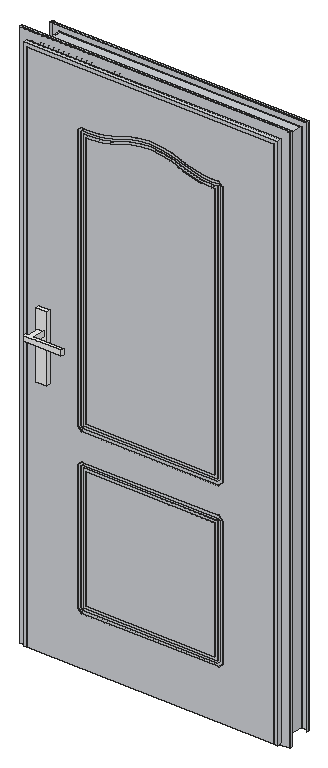
Revit family "GRANIT_9", category Drzwi, Revit 2016
Family settings
  Obiekt nadrzędny = Ściana
  Zawsze pionowo = Tak
  Tnij formami wycięć po wczytaniu = Nie
  Współdzielony = Nie
  Punkt obliczania pomieszczeń = Nie
Parameters (values of type "PN 90")
  URL = "www.porta.com.pl"
  SB = 964 mm
  Producent = "PORTA KMI POLAND"  # constant formula
  Keynote = ""
  Opis = "Własność Porta KMI Poland, wszelkie prawa zastrzeżone."  # constant formula
  Odwzorowanie ramy - zewnętrzne = 25 mm
  Odwzorowanie ramy - wewnętrzne = 25 mm
  Szerokość ramy = 75 mm
  Wysokość = 2056 mm
  Zakończenie ściany = Wg obiektu nadrzędnego
  Szerokość = 984 mm
  Materiał skrzydła [instance] = none
  Materiał ościeżnicy [instance] = none
  Materiał klamki [instance] = none
  Konstrukcja analityczna = "<Brak>"
  Informacja = ""
  Funkcja = Wewnętrzna
Types (8, lengths in mm): name | URL | SB | Wysokość | Szerokość | Informacja
  PN 80 | "www.porta.com.pl , www.portadoors.com , www.portacad.eu" | 856 | 2056 | 876 | ""
  PN 90 | "www.porta.com.pl" | 964 | 2056 | 984 | ""
  PN 100 | "www.porta.com.pl , www.portadoors.com , www.portacad.eu" | 1056 | 2056 | 1076 | "Biblioteki CAD produktów firmy PORTA KMI POLAND S.A. wraz z ich wizualizacjami są chronione prawami własności przemysłowej i intelektualnej. Można je wykorzystywać do handlowych celów osobistych poprzez zastosowanie w projektach, jednak nie wolno ich powielać, modyfikować, licencjonować ani publikować, w całości ani w części, chyba że celem przeglądania, bez uprzedniej pisemnej zgody PORTA KMI Poland sp.z.o.o. www.porta.com.pl "
  C'eska' a Slovenska' 80 | "www.porta.com.pl , www.portadoors.com , www.portacad.eu" | 860 | 2005 | 880 | "Biblioteki CAD produktów firmy PORTA KMI POLAND S.A. wraz z ich wizualizacjami są chronione prawami własności przemysłowej i intelektualnej. Można je wykorzystywać do handlowych celów osobistych poprzez zastosowanie w projektach, jednak nie wolno ich powielać, modyfikować, licencjonować ani publikować, w całości ani w części, chyba że celem przeglądania, bez uprzedniej pisemnej zgody PORTA KMI Poland sp.z.o.o. www.porta.com.pl "
  C'eska' a Slovenska' 90 | "www.porta.com.pl , www.portadoors.com , www.portacad.eu" | 960 | 2005 | 980 | "Biblioteki CAD produktów firmy PORTA KMI POLAND S.A. wraz z ich wizualizacjami są chronione prawami własności przemysłowej i intelektualnej. Można je wykorzystywać do handlowych celów osobistych poprzez zastosowanie w projektach, jednak nie wolno ich powielać, modyfikować, licencjonować ani publikować, w całości ani w części, chyba że celem przeglądania, bez uprzedniej pisemnej zgody PORTA KMI Poland sp.z.o.o. www.porta.com.pl "
  C'eska' a Slovenska' 100 | "www.porta.com.pl , www.portadoors.com , www.portacad.eu" | 1060 | 2005 | 1080 | "Biblioteki CAD produktów firmy PORTA KMI POLAND S.A. wraz z ich wizualizacjami są chronione prawami własności przemysłowej i intelektualnej. Można je wykorzystywać do handlowych celów osobistych poprzez zastosowanie w projektach, jednak nie wolno ich powielać, modyfikować, licencjonować ani publikować, w całości ani w części, chyba że celem przeglądania, bez uprzedniej pisemnej zgody PORTA KMI Poland sp.z.o.o. www.porta.com.pl "
  DIN 80 | "www.porta.com.pl , www.portadoors.com , www.portacad.eu" | 865 | 2005 | 885 | "Biblioteki CAD produktów firmy PORTA KMI POLAND S.A. wraz z ich wizualizacjami są chronione prawami własności przemysłowej i intelektualnej. Można je wykorzystywać do handlowych celów osobistych poprzez zastosowanie w projektach, jednak nie wolno ich powielać, modyfikować, licencjonować ani publikować, w całości ani w części, chyba że celem przeglądania, bez uprzedniej pisemnej zgody PORTA KMI Poland sp.z.o.o. www.porta.com.pl "
  DIN 90 | "www.porta.com.pl , www.portadoors.com , www.portacad.eu" | 990 | 2005 | 1010 | "Biblioteki CAD produktów firmy PORTA KMI POLAND S.A. wraz z ich wizualizacjami są chronione prawami własności przemysłowej i intelektualnej. Można je wykorzystywać do handlowych celów osobistych poprzez zastosowanie w projektach, jednak nie wolno ich powielać, modyfikować, licencjonować ani publikować, w całości ani w części, chyba że celem przeglądania, bez uprzedniej pisemnej zgody PORTA KMI Poland sp.z.o.o. www.porta.com.pl "
Reference planes
  plane 1: y = 0
  plane 2 "Środek (Lewa/Prawa)": x = 0
  plane 3 "Lewy": x = -492
  plane 4 "Prawy": x = 492
  plane 5: z = 2056
  plane 6 "Zewnętrzna": y = 75
  plane 7 "Wewnętrzna": y = -75
  plane 8: z = 184.239
  plane 9: y = -81.983
Forms (mm)
  Sweep 1, solid, material <- "Materiał ościeżnicy"
    path in 3D
      loop
        line (-492, -75, 0) -> (-492, -75, 2056) -> (492, -75, 2056) -> (492, -75, 0)
    profile origin (-492, -75, 1028) x (0, -1, 0) y (1, 0, 0)
      loop
        line (8.8, 22.5) -> (8.8, -12.5)
        arc (8.8, -12.5) -> (8.419, -13.419) -> (7.5, -13.8) r 1.3
        line (7.5, -13.8) -> (0, -13.8) -> (0, -15) -> (7.5, -15)
        arc (7.5, -15) -> (9.268, -14.268) -> (10, -12.5) r 2.5
        line (10, -12.5) -> (10, 22.5)
        arc (10, 22.5) -> (9.268, 24.268) -> (7.5, 25) r 2.5
        line (7.5, 25) -> (-33.505, 25)
        arc (-33.505, 25) -> (-34.212, 25.293) -> (-34.505, 26) r 1
        line (-34.505, 26) -> (-34.505, 34.5)
        arc (-34.505, 34.5) -> (-34.212, 35.207) -> (-33.505, 35.5) r 1
        line (-33.505, 35.5) -> (-26.255, 35.5)
        arc (-26.255, 35.5) -> (-24.005, 37.75) -> (-26.255, 40) r 2.25
        line (-26.255, 40) -> (-107.5, 40)
        arc (-107.5, 40) -> (-109.268, 39.268) -> (-110, 37.5) r 2.5
        line (-110, 37.5) -> (-110, 12.5)
        arc (-110, 12.5) -> (-109.268, 10.732) -> (-107.5, 10) r 2.5
        line (-107.5, 10) -> (-100, 10) -> (-100, 11.2) -> (-107.5, 11.2)
        arc (-107.5, 11.2) -> (-108.419, 11.581) -> (-108.8, 12.5) r 1.3
        line (-108.8, 12.5) -> (-108.8, 37.5)
        arc (-108.8, 37.5) -> (-108.419, 38.419) -> (-107.5, 38.8) r 1.3
        line (-107.5, 38.8) -> (-26.255, 38.8)
        arc (-26.255, 38.8) -> (-25.205, 37.75) -> (-26.255, 36.7) r 1.05
        line (-26.255, 36.7) -> (-33.505, 36.7)
        arc (-33.505, 36.7) -> (-35.06, 36.056) -> (-35.705, 34.5) r 2.2
        line (-35.705, 34.5) -> (-35.705, 26)
        arc (-35.705, 26) -> (-35.06, 24.444) -> (-33.505, 23.8) r 2.2
        line (-33.505, 23.8) -> (7.5, 23.8)
        arc (7.5, 23.8) -> (8.419, 23.419) -> (8.8, 22.5) r 1.3
      loop
        arc (-18.755, 35) -> (-20.219, 38.536) -> (-23.755, 40) r 5
        line (-23.755, 40) -> (-23.755, 34) -> (-31.755, 34) -> (-31.755, 26) -> (-18.755, 26) -> (-18.755, 35)
  Extrusion 2, solid, material <- "Materiał skrzydła"
    sketch origin (0, -75, 0) x (1, 0, 0) y (0, 0, 1)
      loop
        line (-463, 2023.457) -> (-463, 8.303) -> (463.032, 8.303) -> (463.032, 2023.457) -> (-463, 2023.457)
    from -17.017 to 30.983
  Sweep 3, solid, material <- "Materiał skrzydła"
    path in 3D
      loop
        line (463.032, -105.983, 8.303) -> (463.032, -105.983, 2023.457) -> (-463, -105.983, 2023.457) -> (-463, -105.983, 8.303)
    profile origin (-463, -105.983, 1015.88) x (-1, 0, 0) y (0, -1, 0)
      loop
        line (0, 0) -> (0, -18) -> (13, -18) -> (13, 0) -> (0, 0)
  Extrusion 4, void
    sketch origin (0, -75, 0) x (1, 0, 0) y (0, 0, 1)
      loop
        line (-271.972, 819.786) -> (-256.972, 804.786) -> (257.07, 804.786) -> (271.972, 819.688) -> (271.972, 1813.762) -> (257.705, 1828.028) -> (232.8, 1825.849) -> (187.91, 1828.989) -> (129.692, 1843.504) -> (82.416, 1859.782) -> (38.1, 1867.596) -> (0, 1870.113) -> (-38.1, 1867.596) -> (-82.416, 1859.782) -> (-129.692, 1843.504) -> (-187.91, 1828.989) -> (-232.8, 1825.849) -> (-257.705, 1828.028) -> (-271.972, 1813.762) -> (-271.972, 819.786)
      loop
        line (-241.972, 834.786) -> (241.972, 834.786) -> (241.972, 1796.537) -> (233.063, 1795.758) -> (183.199, 1799.245) -> (121.164, 1814.712) -> (74.882, 1830.648) -> (34.496, 1837.769) -> (0, 1840.048) -> (-34.496, 1837.769) -> (-74.882, 1830.648) -> (-121.164, 1814.712) -> (-183.199, 1799.245) -> (-233.063, 1795.758) -> (-241.972, 1796.537) -> (-241.972, 834.786)
      loop
        line (-271.972, 689.786) -> (-271.972, 209.198) -> (-256.972, 194.198) -> (257.07, 194.198) -> (272.07, 209.198) -> (272.07, 689.786) -> (257.07, 704.786) -> (-256.972, 704.786) -> (-271.972, 689.786)
      loop
        line (-241.972, 674.786) -> (-241.972, 224.198) -> (242.07, 224.198) -> (242.07, 674.786) -> (-241.972, 674.786)
    from 28.351 to 30.983
  Extrusion 5, void
    sketch origin (0, -75, 0) x (1, 0, 0) y (0, 0, 1)
      loop
        line (-271.972, 819.786) -> (-256.972, 804.786) -> (257.07, 804.786) -> (271.972, 819.688) -> (271.972, 1813.762) -> (257.705, 1828.028) -> (232.8, 1825.849) -> (187.91, 1828.989) -> (129.692, 1843.504) -> (82.416, 1859.782) -> (38.1, 1867.596) -> (0, 1870.113) -> (-38.1, 1867.596) -> (-82.416, 1859.782) -> (-129.692, 1843.504) -> (-187.91, 1828.989) -> (-232.8, 1825.849) -> (-257.705, 1828.028) -> (-271.972, 1813.762) -> (-271.972, 819.786)
      loop
        line (-241.972, 834.786) -> (241.972, 834.786) -> (241.972, 1796.537) -> (233.063, 1795.758) -> (183.199, 1799.245) -> (121.164, 1814.712) -> (74.882, 1830.648) -> (34.496, 1837.769) -> (0, 1840.048) -> (-34.496, 1837.769) -> (-74.882, 1830.648) -> (-121.164, 1814.712) -> (-183.199, 1799.245) -> (-233.063, 1795.758) -> (-241.972, 1796.537) -> (-241.972, 834.786)
      loop
        line (-271.972, 689.786) -> (-271.972, 209.198) -> (-256.972, 194.198) -> (257.07, 194.198) -> (272.07, 209.198) -> (272.07, 689.786) -> (257.07, 704.786) -> (-256.972, 704.786) -> (-271.972, 689.786)
      loop
        line (-241.972, 674.786) -> (-241.972, 224.198) -> (242.07, 224.198) -> (242.07, 674.786) -> (-241.972, 674.786)
    from -17.017 to -14.447
  Sweep 6, solid, material <- "Materiał skrzydła"
    path in 3D
      loop
        line (-271.972, -105.983, 1813.762) -> (-257.705, -105.983, 1828.028) -> (-232.8, -105.983, 1825.849) -> (-187.91, -105.983, 1828.989) -> (-129.692, -105.983, 1843.504) -> (-82.416, -105.983, 1859.782) -> (-38.1, -105.983, 1867.596) -> (0, -105.983, 1870.113) -> (38.1, -105.983, 1867.596) -> (82.416, -105.983, 1859.782) -> (129.692, -105.983, 1843.504) -> (187.91, -105.983, 1828.989) -> (232.8, -105.983, 1825.849) -> (257.705, -105.983, 1828.028) -> (271.972, -105.983, 1813.762) -> (271.972, -105.983, 819.688) -> (257.07, -105.983, 804.786) -> (-256.972, -105.983, 804.786) -> (-271.972, -105.983, 819.786) -> (-271.972, -105.983, 1813.762)
    profile origin (-271.972, -105.983, 1316.774) x (0, -1, 0) y (1, 0, 0)
      loop
        line (-1.316, 0) -> (-1.316, 10) -> (-2.632, 10) -> (-2.632, 0) -> (-1.316, 0)
      loop
        line (-46.684, 0) -> (-45.368, 0) -> (-45.368, 10) -> (-46.684, 10) -> (-46.684, 0)
  Sweep 7, solid, material <- "Materiał skrzydła"
    path in 3D
      loop
        line (-241.972, -105.983, 834.786) -> (241.972, -105.983, 834.786) -> (241.972, -105.983, 1796.537) -> (233.063, -105.983, 1795.758) -> (183.199, -105.983, 1799.245) -> (121.164, -105.983, 1814.712) -> (74.882, -105.983, 1830.648) -> (34.496, -105.983, 1837.769) -> (0, -105.983, 1840.048) -> (-34.496, -105.983, 1837.769) -> (-74.882, -105.983, 1830.648) -> (-121.164, -105.983, 1814.712) -> (-183.199, -105.983, 1799.245) -> (-233.063, -105.983, 1795.758) -> (-241.972, -105.983, 1796.537) -> (-241.972, -105.983, 834.786)
    profile origin (-241.972, -105.983, 1315.661) x (-1, 0, 0) y (0, -1, 0)
      loop
        line (0, -1.316) -> (0, -2.632) -> (10, -2.632) -> (10, -1.316) -> (0, -1.316)
      loop
        line (0, -46.684) -> (10, -46.684) -> (10, -45.368) -> (0, -45.368) -> (0, -46.684)
  Sweep 8, solid, material <- "Materiał skrzydła"
    path in 3D
      loop
        line (-271.972, -105.983, 689.786) -> (-256.972, -105.983, 704.786) -> (257.07, -105.983, 704.786) -> (272.07, -105.983, 689.786) -> (272.07, -105.983, 209.198) -> (257.07, -105.983, 194.198) -> (-256.972, -105.983, 194.198) -> (-271.972, -105.983, 209.198) -> (-271.972, -105.983, 689.786)
    profile origin (-271.972, -105.983, 449.492) x (0, -1, 0) y (1, 0, 0)
      loop
        line (-1.316, 0) -> (-1.316, 10) -> (-2.632, 10) -> (-2.632, 0) -> (-1.316, 0)
      loop
        line (-46.684, 0) -> (-45.368, 0) -> (-45.368, 10) -> (-46.684, 10) -> (-46.684, 0)
  Sweep 9, solid, material <- "Materiał skrzydła"
    path in 3D
      loop
        line (-241.972, -105.983, 224.198) -> (242.07, -105.983, 224.198) -> (242.07, -105.983, 674.786) -> (-241.972, -105.983, 674.786) -> (-241.972, -105.983, 224.198)
    profile origin (-241.972, -105.983, 449.492) x (-1, 0, 0) y (0, -1, 0)
      loop
        line (0, -1.316) -> (0, -2.632) -> (10, -2.632) -> (10, -1.316) -> (0, -1.316)
      loop
        line (0, -46.684) -> (10, -46.684) -> (10, -45.368) -> (0, -45.368) -> (0, -46.684)
Cuts and joins
  Extrusion 4 cuts Sweep 1
  Extrusion 4, Extrusion 5 cuts Extrusion 2
  Extrusion 4, Extrusion 5 cuts Sweep 3
Lines and regions (mm)
  Opening 1
    outline origin (-3050, -75, 0) x (1, 0, 0) y (0, 0, 1)
      loop
        line (2558, 0) -> (3542, 0) -> (3542, 2056) -> (2558, 2056) -> (2558, 0)
  model lines, style "s-główna"
    curve 1: line (-525, 75, 0) -> (-520, 75, 0)
    curve 2: line (-522, -75, 0) -> (-527, -75, 0)
  symbolic lines
    curve 3: line (492, -75, 0) -> (492, -1059.257, 0)
    curve 4: line (492, -1059.257, 0) -> (444, -1059.257, 0)
    curve 5: line (444, -1059.257, 0) -> (444, -75, 0)
    curve 6: line (444, -75, 0) -> (492, -75, 0)
    curve 7: arc (-492, -75, 0) -> (-220.562, -753.61, 0) -> (444, -1057.829, 0) r 984
  sketch lines
    curve 8: line (-492, -75, 0) -> (-492, -75, 2056)
    curve 9: line (-492, -75, 2056) -> (492, -75, 2056)
    curve 10: line (492, -75, 2056) -> (492, -75, 0)
    curve 11: line (-463, -105.983, 2023.457) -> (-463, -105.983, 8.303)
    curve 12: line (463.032, -105.983, 2023.457) -> (-463, -105.983, 2023.457)
    curve 13: line (463.032, -105.983, 8.303) -> (463.032, -105.983, 2023.457)
    curve 14: line (-271.972, -105.983, 819.786) -> (-271.972, -105.983, 1813.762)
    curve 15: line (-271.972, -105.983, 1813.762) -> (-257.705, -105.983, 1828.028)
    curve 16: line (-257.705, -105.983, 1828.028) -> (-232.8, -105.983, 1825.849)
    curve 17: line (-232.8, -105.983, 1825.849) -> (-187.91, -105.983, 1828.989)
    curve 18: line (-187.91, -105.983, 1828.989) -> (-129.692, -105.983, 1843.504)
    curve 19: line (-129.692, -105.983, 1843.504) -> (-82.416, -105.983, 1859.782)
    curve 20: line (-82.416, -105.983, 1859.782) -> (-38.1, -105.983, 1867.596)
    curve 21: line (-38.1, -105.983, 1867.596) -> (0, -105.983, 1870.113)
    curve 22: line (0, -105.983, 1870.113) -> (38.1, -105.983, 1867.596)
    curve 23: line (38.1, -105.983, 1867.596) -> (82.416, -105.983, 1859.782)
    curve 24: line (82.416, -105.983, 1859.782) -> (129.692, -105.983, 1843.504)
    curve 25: line (129.692, -105.983, 1843.504) -> (187.91, -105.983, 1828.989)
    curve 26: line (187.91, -105.983, 1828.989) -> (232.8, -105.983, 1825.849)
    curve 27: line (232.8, -105.983, 1825.849) -> (257.705, -105.983, 1828.028)
    curve 28: line (257.705, -105.983, 1828.028) -> (271.972, -105.983, 1813.762)
    curve 29: line (271.972, -105.983, 1813.762) -> (271.972, -105.983, 819.688)
    curve 30: line (271.972, -105.983, 819.688) -> (257.07, -105.983, 804.786)
    curve 31: line (257.07, -105.983, 804.786) -> (-256.972, -105.983, 804.786)
    curve 32: line (-256.972, -105.983, 804.786) -> (-271.972, -105.983, 819.786)
    curve 33: line (-241.972, -105.983, 1796.537) -> (-241.972, -105.983, 834.786)
    curve 34: line (-233.063, -105.983, 1795.758) -> (-241.972, -105.983, 1796.537)
    curve 35: line (-183.199, -105.983, 1799.245) -> (-233.063, -105.983, 1795.758)
    curve 36: line (-121.164, -105.983, 1814.712) -> (-183.199, -105.983, 1799.245)
    curve 37: line (-74.882, -105.983, 1830.648) -> (-121.164, -105.983, 1814.712)
    curve 38: line (-34.496, -105.983, 1837.769) -> (-74.882, -105.983, 1830.648)
    curve 39: line (0, -105.983, 1840.048) -> (-34.496, -105.983, 1837.769)
    curve 40: line (34.496, -105.983, 1837.769) -> (0, -105.983, 1840.048)
    curve 41: line (74.882, -105.983, 1830.648) -> (34.496, -105.983, 1837.769)
    curve 42: line (121.164, -105.983, 1814.712) -> (74.882, -105.983, 1830.648)
    curve 43: line (183.199, -105.983, 1799.245) -> (121.164, -105.983, 1814.712)
    curve 44: line (233.063, -105.983, 1795.758) -> (183.199, -105.983, 1799.245)
    curve 45: line (241.972, -105.983, 1796.537) -> (233.063, -105.983, 1795.758)
    curve 46: line (241.972, -105.983, 834.786) -> (241.972, -105.983, 1796.537)
    curve 47: line (-241.972, -105.983, 834.786) -> (241.972, -105.983, 834.786)
    curve 48: line (-271.972, -105.983, 209.198) -> (-271.972, -105.983, 689.786)
    curve 49: line (-271.972, -105.983, 689.786) -> (-256.972, -105.983, 704.786)
    curve 50: line (-256.972, -105.983, 704.786) -> (257.07, -105.983, 704.786)
    curve 51: line (257.07, -105.983, 704.786) -> (272.07, -105.983, 689.786)
    curve 52: line (272.07, -105.983, 689.786) -> (272.07, -105.983, 209.198)
    curve 53: line (272.07, -105.983, 209.198) -> (257.07, -105.983, 194.198)
    curve 54: line (257.07, -105.983, 194.198) -> (-256.972, -105.983, 194.198)
    curve 55: line (-256.972, -105.983, 194.198) -> (-271.972, -105.983, 209.198)
    curve 56: line (-241.972, -105.983, 674.786) -> (-241.972, -105.983, 224.198)
    curve 57: line (242.07, -105.983, 674.786) -> (-241.972, -105.983, 674.786)
    curve 58: line (242.07, -105.983, 224.198) -> (242.07, -105.983, 674.786)
    curve 59: line (-241.972, -105.983, 224.198) -> (242.07, -105.983, 224.198)
Text (mm)
  text "Zewnętrzna" at (-2295.016, 1099.543, 0), in view "Poziom odniesienia"
  text "Zewnętrzna" at (0, 1615.38, 3698.081), in view "Lewy"
  text "Zewnętrzna" at (0, 1036.032, 3874.932), in view "Prawy"
Dimensions and locks
  equal spacing: plane 3 "Lewy", plane 2 "Środek (Lewa/Prawa)", plane 4 "Prawy"
  "Szerokość": plane 3 "Lewy" to plane 4 "Prawy"
  "Wysokość": plane 5 to host wall
  host wall to plane 5 = 2056 mm  (x2)
  locked: plane 6 "Zewnętrzna" to host wall at 0
  locked: plane 7 "Wewnętrzna" to host wall
  locked: curve 5 to curve 3 at 48
  "SB": Sweep 1 to Sweep 1
  locked: Extrusion 2 to Extrusion 2 at 48
  locked: Sweep 1 to Extrusion 2 at 4
  locked: Extrusion 2 to plane 7 "Wewnętrzna" at 17.017
  locked: Extrusion 2 to Sweep 1 at 3.968
  locked: level to Extrusion 2 at 8.303
  locked: Extrusion 2 to Sweep 1 at 7.543
  locked: Extrusion 2 to nested 3 at 65
  locked: Extrusion 2 to nested 2 at 65
  locked: nested 2 to Extrusion 2 at 1094
  locked: Extrusion 2 to nested 3 at 1094
  locked: plane 9 to plane 7 "Wewnętrzna" at 6.983
  aligned and locked: plane 3 "Lewy" to Opening 1 sketch curve
  aligned and locked: plane 5 to Opening 1 sketch curve  (x2)
  aligned and locked: Opening 1 sketch curve to plane 4 "Prawy"
  aligned and locked: Opening 1 sketch curve to level
  aligned and locked: plane 1 to host wall
Automatic sketch dimensions
  curve 2 to host wall = 0 mm
  curve 1 to host wall = 0 mm
  curve 7 to host wall = 0 mm
  curve 7 to plane 3 "Lewy" = 0 mm
  curve 6 to host wall = 0 mm
  curve 6 to plane 4 "Prawy" = 0 mm
  curve 7 to plane 4 "Prawy" = 0 mm
  plane 3 "Lewy" to curve 1 = 28 mm
  plane 3 "Lewy" to curve 2 = 30 mm
  curve 1 to curve 1 = 5 mm
  curve 2 to curve 2 = 5 mm
  curve 4 to curve 7 = 1.429 mm
  Sweep 1 sketch curve to Sweep 1 sketch curve = 0 mm  (x15)
  Sweep 1 sketch curve to profile plane = 0 mm
  profile plane to Sweep 1 sketch curve = 18.755 mm
  Sweep 1 sketch curve to Sweep 1 sketch curve = 5 mm
  Sweep 1 sketch curve to Sweep 1 sketch curve = 2.5 mm
  Sweep 1 sketch curve to Sweep 1 sketch curve = 5.5 mm
  Sweep 1 sketch curve to Sweep 1 sketch curve = 1.75 mm  (x2)
  Sweep 1 sketch curve to Sweep 1 sketch curve = 1 mm  (x2)
  Sweep 1 sketch curve to Sweep 1 sketch curve = 1.2 mm
  profile plane to Sweep 1 sketch curve = 10 mm
  Sweep 1 sketch curve to Sweep 1 sketch curve = 64.295 mm
  Sweep 1 sketch curve to Sweep 1 sketch curve = 7.5 mm  (x2)
  Sweep 1 sketch curve to Sweep 1 sketch curve = 1.3 mm  (x2)
  Sweep 1 sketch curve to profile plane = 7.5 mm  (x2)
  Sweep 1 sketch curve to profile plane = 12.5 mm
  profile plane to Sweep 1 sketch curve = 22.5 mm
  Sweep 1 sketch curve to Sweep 1 sketch curve = 8 mm
  Sweep 1 sketch curve to Sweep 1 sketch curve = 0.5 mm
  Sweep 1 sketch curve to Sweep 1 sketch curve = 25 mm
  level to Extrusion 2 sketch curve = 8.303 mm
  Extrusion 2 sketch curve to plane 3 "Lewy" = 29 mm
  plane 4 "Prawy" to Extrusion 2 sketch curve = 28.968 mm
  plane 5 to Extrusion 2 sketch curve = 32.543 mm
  Sweep 3 sketch curve to profile plane = 0 mm  (x2)
  profile plane to Sweep 3 sketch curve = 13 mm
  Sweep 3 sketch curve to Sweep 3 sketch curve = 18 mm
  Extrusion 4 sketch curve to plane 2 "Środek (Lewa/Prawa)" = 0 mm  (x2)
  Extrusion 4 sketch curve to plane 2 "Środek (Lewa/Prawa)" = 34.496 mm
  Extrusion 4 sketch curve to Extrusion 4 sketch curve = 3.604 mm  (x2)
  Extrusion 4 sketch curve to Extrusion 4 sketch curve = 40.386 mm  (x2)
  Extrusion 4 sketch curve to Extrusion 4 sketch curve = 7.535 mm  (x2)
  Extrusion 4 sketch curve to Extrusion 4 sketch curve = 46.282 mm  (x2)
  Extrusion 4 sketch curve to Extrusion 4 sketch curve = 8.529 mm  (x2)
  Extrusion 4 sketch curve to Extrusion 4 sketch curve = 62.035 mm  (x2)
  Extrusion 4 sketch curve to Extrusion 4 sketch curve = 4.711 mm  (x2)
  Extrusion 4 sketch curve to Extrusion 4 sketch curve = 44.89 mm  (x2)
  Extrusion 4 sketch curve to Extrusion 4 sketch curve = 0.263 mm  (x2)
  Extrusion 4 sketch curve to plane 2 "Środek (Lewa/Prawa)" = 241.972 mm  (x2)
  plane 8 to Extrusion 4 sketch curve = 39.959 mm
  Extrusion 4 sketch curve to Extrusion 4 sketch curve = 15 mm  (x14)
  plane 8 to Extrusion 4 sketch curve = 9.959 mm
  Extrusion 4 sketch curve to Extrusion 4 sketch curve = 24.905 mm  (x2)
  plane 8 to Extrusion 4 sketch curve = 24.959 mm
  plane 2 "Środek (Lewa/Prawa)" to Extrusion 4 sketch curve = 34.496 mm
  Extrusion 4 sketch curve to Extrusion 4 sketch curve = 8.909 mm
  plane 2 "Środek (Lewa/Prawa)" to Extrusion 4 sketch curve = 242.07 mm
  Extrusion 4 sketch curve to Extrusion 4 sketch curve = 15.098 mm
  Extrusion 4 sketch curve to Extrusion 4 sketch curve = 14.267 mm  (x3)
  Extrusion 4 sketch curve to Extrusion 4 sketch curve = 450.587 mm
  Extrusion 4 sketch curve to Extrusion 4 sketch curve = 100 mm
  Extrusion 4 sketch curve to Extrusion 4 sketch curve = 14.902 mm
  plane 5 to Extrusion 4 sketch curve = 260.242 mm  (x2)
  Extrusion 4 sketch curve to Extrusion 4 sketch curve = 0.779 mm  (x2)
  Extrusion 4 sketch curve to Extrusion 4 sketch curve = 3.487 mm  (x2)
  Extrusion 4 sketch curve to Extrusion 4 sketch curve = 17.225 mm  (x2)
  Extrusion 4 sketch curve to Extrusion 4 sketch curve = 15.467 mm  (x2)
  Extrusion 4 sketch curve to Extrusion 4 sketch curve = 30.092 mm  (x2)
  Extrusion 4 sketch curve to Extrusion 4 sketch curve = 29.744 mm  (x2)
  Extrusion 4 sketch curve to Extrusion 4 sketch curve = 15.936 mm  (x2)
  Extrusion 4 sketch curve to Extrusion 4 sketch curve = 7.121 mm  (x2)
  Extrusion 4 sketch curve to Extrusion 4 sketch curve = 2.279 mm
  Extrusion 4 sketch curve to Extrusion 4 sketch curve = 28.792 mm  (x2)
  Extrusion 4 sketch curve to Extrusion 4 sketch curve = 29.134 mm  (x2)
  Extrusion 4 sketch curve to Extrusion 4 sketch curve = 29.827 mm  (x2)
  Extrusion 4 sketch curve to Extrusion 4 sketch curve = 30.065 mm
  Extrusion 5 sketch curve to plane 2 "Środek (Lewa/Prawa)" = 0 mm  (x2)
  Extrusion 5 sketch curve to plane 2 "Środek (Lewa/Prawa)" = 34.496 mm
  Extrusion 5 sketch curve to Extrusion 5 sketch curve = 3.604 mm  (x2)
  Extrusion 5 sketch curve to Extrusion 5 sketch curve = 40.386 mm  (x2)
  Extrusion 5 sketch curve to Extrusion 5 sketch curve = 7.535 mm  (x2)
  Extrusion 5 sketch curve to Extrusion 5 sketch curve = 46.282 mm  (x2)
  Extrusion 5 sketch curve to Extrusion 5 sketch curve = 8.529 mm  (x2)
  Extrusion 5 sketch curve to Extrusion 5 sketch curve = 62.035 mm  (x2)
  Extrusion 5 sketch curve to Extrusion 5 sketch curve = 4.711 mm  (x2)
  Extrusion 5 sketch curve to Extrusion 5 sketch curve = 44.89 mm  (x2)
  Extrusion 5 sketch curve to Extrusion 5 sketch curve = 0.263 mm  (x2)
  Extrusion 5 sketch curve to plane 2 "Środek (Lewa/Prawa)" = 241.972 mm  (x2)
  plane 8 to Extrusion 5 sketch curve = 39.959 mm
  Extrusion 5 sketch curve to Extrusion 5 sketch curve = 15 mm  (x14)
  plane 8 to Extrusion 5 sketch curve = 9.959 mm
  Extrusion 5 sketch curve to Extrusion 5 sketch curve = 24.905 mm  (x2)
  plane 8 to Extrusion 5 sketch curve = 24.959 mm
  plane 2 "Środek (Lewa/Prawa)" to Extrusion 5 sketch curve = 34.496 mm
  Extrusion 5 sketch curve to Extrusion 5 sketch curve = 8.909 mm
  plane 2 "Środek (Lewa/Prawa)" to Extrusion 5 sketch curve = 242.07 mm
  Extrusion 5 sketch curve to Extrusion 5 sketch curve = 15.098 mm
  Extrusion 5 sketch curve to Extrusion 5 sketch curve = 14.267 mm  (x3)
  Extrusion 5 sketch curve to Extrusion 5 sketch curve = 450.587 mm
  Extrusion 5 sketch curve to Extrusion 5 sketch curve = 100 mm
  Extrusion 5 sketch curve to Extrusion 5 sketch curve = 14.902 mm
  plane 5 to Extrusion 5 sketch curve = 260.242 mm  (x2)
  Extrusion 5 sketch curve to Extrusion 5 sketch curve = 0.779 mm  (x2)
  Extrusion 5 sketch curve to Extrusion 5 sketch curve = 3.487 mm  (x2)
  Extrusion 5 sketch curve to Extrusion 5 sketch curve = 17.225 mm  (x2)
  Extrusion 5 sketch curve to Extrusion 5 sketch curve = 15.467 mm  (x2)
  Extrusion 5 sketch curve to Extrusion 5 sketch curve = 30.092 mm  (x2)
  Extrusion 5 sketch curve to Extrusion 5 sketch curve = 29.744 mm  (x2)
  Extrusion 5 sketch curve to Extrusion 5 sketch curve = 15.936 mm  (x2)
  Extrusion 5 sketch curve to Extrusion 5 sketch curve = 7.121 mm  (x2)
  Extrusion 5 sketch curve to Extrusion 5 sketch curve = 2.279 mm
  Extrusion 5 sketch curve to Extrusion 5 sketch curve = 28.792 mm  (x2)
  Extrusion 5 sketch curve to Extrusion 5 sketch curve = 29.134 mm  (x2)
  Extrusion 5 sketch curve to Extrusion 5 sketch curve = 29.827 mm  (x2)
  Extrusion 5 sketch curve to Extrusion 5 sketch curve = 30.065 mm
  Sweep 6 sketch curve to profile plane = 0 mm  (x2)
  profile plane to Sweep 6 sketch curve = 46.684 mm
  Sweep 6 sketch curve to Sweep 6 sketch curve = 1.316 mm
  profile plane to Sweep 6 sketch curve = 2.632 mm
  profile plane to Sweep 6 sketch curve = 1.316 mm
  profile plane to Sweep 6 sketch curve = 10 mm
  Sweep 6 sketch curve to Sweep 6 sketch curve = 10 mm
  Sweep 7 sketch curve to profile plane = 0 mm  (x2)
  profile plane to Sweep 7 sketch curve = 2.632 mm
  profile plane to Sweep 7 sketch curve = 10 mm  (x2)
  Sweep 7 sketch curve to Sweep 7 sketch curve = 42.736 mm
  Sweep 7 sketch curve to Sweep 7 sketch curve = 1.316 mm
  profile plane to Sweep 7 sketch curve = 1.316 mm
  Sweep 8 sketch curve to profile plane = 0 mm  (x2)
  profile plane to Sweep 8 sketch curve = 46.684 mm
  Sweep 8 sketch curve to Sweep 8 sketch curve = 1.316 mm
  profile plane to Sweep 8 sketch curve = 2.632 mm
  profile plane to Sweep 8 sketch curve = 1.316 mm
  profile plane to Sweep 8 sketch curve = 10 mm  (x2)
  Sweep 9 sketch curve to profile plane = 0 mm  (x2)
  profile plane to Sweep 9 sketch curve = 2.632 mm
  profile plane to Sweep 9 sketch curve = 10 mm  (x2)
  Sweep 9 sketch curve to Sweep 9 sketch curve = 42.736 mm
  Sweep 9 sketch curve to Sweep 9 sketch curve = 1.316 mm
  profile plane to Sweep 9 sketch curve = 1.316 mm
Nested families
  nested 1: "Rodzina1" at (0, -75, 109.239) x (1, 0, 0) z (0, -1, 0), type "Rodzina1"
  nested 2: "KLAMKA" at (-398, -105.983, 1047.303), Materiał klamki <- "Materiał klamki", type "KLAMKA"
    with Materiał klamki none
  nested 3: "KLAMKA" at (-398, -57.983, 1047.303), Materiał klamki <- "Materiał klamki", type "KLAMKA"
    with Materiał klamki none
Definition of nested family "KLAMKA"
  Parameters
    Materiał klamki [instance] = none
    Default Elevation = 1219.2 mm
  Reference planes
    plane 1 "Center (Front/Back)": y = 0
    plane 2: z = 0
    plane 3 "Center (Left/Right)": x = 0
    plane 4: z = 125
    plane 5: z = -125
    plane 6: x = 20
    plane 7: x = -20
    plane 8: y = -70
    plane 9: y = -60
    plane 10: x = 10
    plane 11: x = -10
    plane 12: x = 120
    plane 13: z = 35
    plane 14: z = 55
    plane 15: y = -15
  Forms (mm)
    Extrusion 1, solid, material <- "Materiał klamki"
      sketch origin (0, 0, 0) x (1, 0, 0) y (0, 0, 1)
        loop
          line (-20, 125) -> (-20, -125) -> (20, -125) -> (20, 125) -> (-20, 125)
      from 0 to 15
    Extrusion 2, solid, material <- "Materiał klamki"
      sketch origin (0, 0, 0) x (1, 0, 0) y (0, 1, 0)
        loop
          line (-10, -15) -> (-10, -60) -> (-20, -60) -> (-20, -70) -> (120, -70) -> (120, -60) -> (10, -60) -> (10, -15) -> (-10, -15)
      from 35 to 55
  Dimensions and locks
    equal spacing: plane 4, plane 2, plane 5
    plane 4 to plane 5 = 250 mm
    equal spacing: plane 7, plane 3 "Center (Left/Right)", plane 6
    plane 7 to plane 6 = 40 mm
    plane 8 to plane 1 "Center (Front/Back)" = 70 mm
    plane 11 to plane 3 "Center (Left/Right)" to plane 10 = 10 mm locked, 10 mm locked
    plane 7 to plane 12 = 140 mm
    plane 15 to plane 1 "Center (Front/Back)" = 15 mm
    aligned and locked: plane 7 to Extrusion 1 sketch curve
    aligned and locked: Extrusion 1 sketch curve to plane 4
    aligned and locked: plane 5 to Extrusion 1 sketch curve
    aligned and locked: Extrusion 1 sketch curve to plane 6
    aligned and locked: plane 15 to Extrusion 1
    aligned and locked: Extrusion 1 to plane 1 "Center (Front/Back)"
    aligned and locked: plane 14 to Extrusion 2
    aligned and locked: Extrusion 2 to plane 13
  Automatic sketch dimensions
    Extrusion 2 sketch curve to plane 7 = 0 mm
    Extrusion 2 sketch curve to plane 9 = 0 mm  (x2)
    Extrusion 2 sketch curve to plane 11 = 0 mm
    Extrusion 2 sketch curve to plane 10 = 0 mm
    Extrusion 2 sketch curve to plane 12 = 0 mm
    Extrusion 2 sketch curve to plane 8 = 0 mm
    Extrusion 2 sketch curve to plane 15 = 0 mm
Definition of nested family "Rodzina1"
  Reference planes
    plane 1 "Środek (Przód/Tył)": y = 0
    plane 2: z = 0
    plane 3 "Środek (Lewa/Prawa)": x = 0
